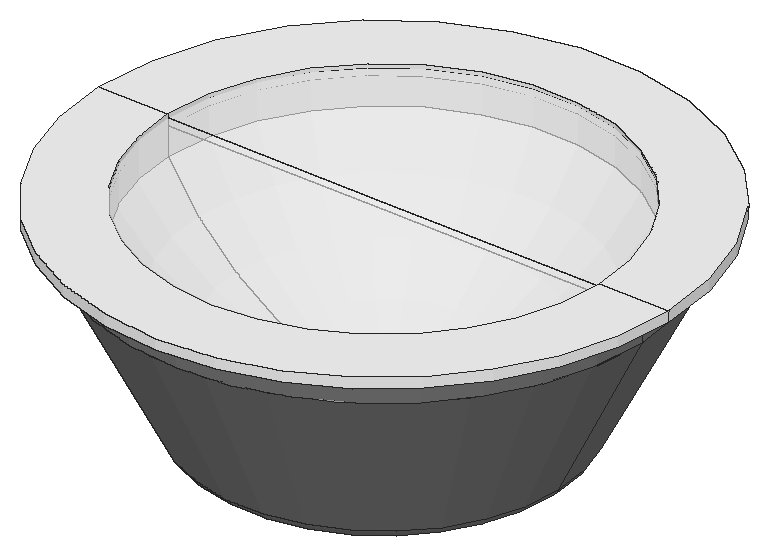
Revit family "30548", category Lighting Fixtures, host Face, Revit 2018
Family settings
  Host = Face
  Round Connector Dimension = Use Diameter
  Part Type = Normal
  OmniClass Number = 23.80.70.00
  OmniClass Title = Lighting
  Cut with Voids When Loaded = No
  Light Source = Yes
  Shared = No
  Room Calculation Point = No
Parameters (values of type "0030548 INSAVER SL IP44 225 MULTI730-2350 830")
  WidthBezel_SYL = if(Size1_SYL, 20 mm, if(Size2_SYL, 20 mm, if(Size3PIR_SYL, 30 mm, if(Size4_SYL, 20 mm, 20 mm))))  # 20 mm
  Weight = "n/a"
  Wattage Comments = ""
  Wattage = 12 W
  WarrantyStartDate [instance] = "n/a"
  WarrantyGuarantorParts = "n/a"
  WarrantyDurationUnit = "n/a"
  WarrantyDurationParts = ""
  WarrantyDescription = "http://www.sylvania-lighting.com"
  built-in parameter 1150110 = 1 (stored number, unit not read)
  Voltage = 230 V
  VisibilityPIR_SYL = Size3PIR_SYL  # no
  URL = "0.9"
  TypeName = "Insaver Slim IP44 225 Multi730-2350 830"
  Type Image = <None>
  Type Comments = "n/a"
  built-in parameter 1114217 = 1 (stored number, unit not read)
  Tilt Angle = -90.00°
  built-in parameter 1150109 = 1 (stored number, unit not read)
  built-in parameter 1150134 = (empty or 0)
  built-in parameter 1150113 = 1 (stored number, unit not read)
  Size4_SYL = no
  Size3PIR_SYL = no
  Size2_SYL = no
  Size1_SYL = yes
  SerialNumber [instance] = "n/a"
  RadiusTop_SYL = 6 mm
  RadiusReflector_SYL = if(Size1_SYL, 85 mm, if(Size2_SYL, 85 mm, if(Size3PIR_SYL, 85 mm, if(Size4_SYL, 100 mm, 120 mm))))  # 85 mm
  Photometric Web File = "0030548.IES"
  Material_3_FEILO = Top-Sylvania-STARTDownlight
  PowerFactor = 0.9
  PowerConsumption = "Lighting"
  NominalLength = 165 mm
  NominalHeight = 50 mm
  NominalDepth = 165 mm
  Name = "Insaver Slim IP44 225 Multi730-2350 830"
  ModelReference = Name  # "Insaver Slim IP44 225 Multi730-2350 830"
  ModelNumber = "0030548"
  Model = Name  # "Insaver Slim IP44 225 Multi730-2350 830"
  Material = "Feilo Sylvania"
  ManufacturerName = "124 lm/W"
  Manufacturer = ""
  LuminousEfficacy = ""
  built-in parameter 1150105 = 31.446 (stored number, unit not read)
  Lumens = 395.16 lm
  LuminaireType = "0"
  built-in parameter 1150115 = 1 (stored number, unit not read)
  LightOutputRatio = "LED"
  built-in parameter 1150137 = (empty or 0)
  built-in parameter 1150139 = (empty or 0)
  LampsType = Lamp  # "n/a"
  LampNominalLuminous = "3000 K"
  LampMacAdamStep = "80"
  LampColourTemperature = "LED"
  LampColourRenderingIndex = "16500"
  built-in parameter 1150112 = 1 (stored number, unit not read)
  built-in parameter 1150114 = 1 (stored number, unit not read)
  Lamp = "n/a"
  Keynote = "n/a"
  InstallationDate [instance] = "n/a"
  InputVoltage = "0"
  InputNominalFrequency = "3000"
  built-in parameter 1150132 = (empty or 0)
  built-in parameter 1150102 = (empty or 0)
  built-in parameter 1150107 = 3000 (stored number, unit not read)
  built-in parameter 1150138 = (empty or 0)
  IngressProtection = "IfcLightFixtureType"
  ImpactProtectionIndex = "IfcLightFixtureType"
  built-in parameter 1150106 = 0.31446 (stored number, unit not read)
  IfcExportType = "IfcLightFixtureType"
  IfcExportAs = "Class II"
  Height_SYL = if(Size1_SYL, 61 mm, if(Size2_SYL, 61 mm, if(Size3PIR_SYL, 61 mm, if(Size4_SYL, 61 mm, 60 mm))))  # 61 mm
  HeightBezel_SYL = if(Size1_SYL, 3 mm, if(Size2_SYL, 3 mm, if(Size3PIR_SYL, 3 mm, if(Size4_SYL, 3.2 mm, 3 mm))))  # 3 mm
  ExpectedLife = 50000
  Emit from Circle Diameter = Diameter_SYL - 40 mm  # 125 mm
  Emit Shape Visible in Rendering = no
  ElectricShockClassification = "124"
  built-in parameter 1150104 = 3.0593 (stored number, unit not read)
  DurationUnit = "hours"
  DocumentationLiterature = "http://www.sylvania-lighting.com/product/en-int/products/0030548"
  DimmingControlOptions = "n/a"
  Material_2_FEILO = Diffuser-Sylvania-STARTDownlight
  Dimming Lamp Color Temperature Shift = <None>
  Diameter_SYL = if(Size1_SYL, 165 mm, if(Size2_SYL, 190 mm, if(Size3PIR_SYL, 211 mm, if(Size4_SYL, 220 mm, 240 mm))))  # 165 mm
  DiameterTop_SYL = if(Size1_SYL, 98 mm, if(Size2_SYL, 122 mm, if(Size3PIR_SYL, 120 mm, if(Size4_SYL, 135 mm, 158 mm))))  # 98 mm
  DiameterTopBase_SYL = DiameterRecess_SYL  # 150 mm
  DiameterRecess_SYL = if(Size1_SYL, 150 mm, if(Size2_SYL, 170 mm, if(Size3PIR_SYL, 186 mm, if(Size4_SYL, 200 mm, 225 mm))))  # 150 mm
  Description = "Insaver Slim is a ceiling recessed LED downlight (IP44 from the front),Die-cast aluminium body, loop in loop out connector for quick installation, Non dimmable LED driver, 3000K; UGR <19 with shallow product depth 60mm.The range features a multipower functionality where the luminous flux of the luminaire can be tailored to local needs by only setting a quick selector switch on the driver. 8 steps available with adjustable lumen output of 730 – 2350lm  at 3000K .  Meets TP(a) requirements."
  Default Elevation = 1219.2 mm
  CreatedOn = "05/03/2024"
  CreatedBy = "@sylvania-lighting.com"
  Cost = 0
  Color Filter = 16777215
  built-in parameter 1114216 [instance] = (empty or 0)
  ClassificationValue = "EF_70_80"
  ClassificationName = "Uniclass2015"
  Material_1_FEILO = Trim-Sylvania-STARTDownlight-White
  BarCode [instance] = "n/a"
  built-in parameter 1114218 = 1 (stored number, unit not read)
  built-in parameter 1150133 = 10 (stored number, unit not read)
  AssetType = "Fixed"
  AssetIdentifier [instance] = "n/a"
  Assembly Code = "D5020200"
  Apparent Load = 19 VA
  Material_4_FEILO = LED-Sylvania-STARTDownlight
Reference planes
  plane 1 "Center (Front/Back)": y = 0
  plane 2: z = 0
  plane 3 "Center (Left/Right)": x = 0
  plane 4: x = 82.5
  plane 5: x = -82.5
  plane 6: z = 3
  plane 7: z = -8
  plane 8: z = -58
  plane 9: x = -75
  plane 10: x = 75
  plane 11: x = -49
  plane 12: x = 49
  plane 13: z = -85
  plane 14: x = -62.5
  plane 15: z = 2
  plane 16: z = -46
  plane 17: x = -16
  plane 18: x = -67.5
  plane 19: x = -81.5
  plane 20: x = -99.5
  plane 21: x = -76.5
  plane 22: z = 5.5
  plane 23: z = 8.7
  plane 24: x = -75.5
  plane 25: z = 13.7
Forms (mm)
  Revolve 1, void
    sketch origin (0, 0, 0) x (1, 0, 0) y (0, 0, 1)
      loop
        line (0, 0) -> (-75, 0) -> (-75, -85) -> (0, -85) -> (0, 0)
      axis (0, 0) -> (0, -85)
    angle from 360 to 0
  Revolve 2, solid, material "Trim-Sylvania-STARTDownlight-White" <- "Material_1_FEILO"
    sketch origin (0, 0, 0) x (1, 0, 0) y (0, 0, 1)
      loop
        line (-62.5, 3) -> (-82.5, 3) -> (-82.5, 0) -> (-75, 0) -> (-75, -8) -> (-50.681, -54.768)
        arc (-50.681, -54.768) -> (-48.471, -57.129) -> (-45.357, -58) r 6
        line (-45.357, -58) -> (0, -58) -> (0, -46) -> (-16, -46)
        arc (-16, -46) -> (-42.718, -31.243) -> (-62.5, -8) r 85
        line (-62.5, -8) -> (-62.5, 3)
      axis (0, 3) -> (0, -58)
    angle from 360 to 0
  Revolve 3, solid, material "Diffuser-Sylvania-STARTDownlight" <- "Material_2_FEILO"
    sketch origin (0, 0, 0) x (1, 0, 0) y (0, 0, 1)
      loop
        line (-62.5, 0) -> (0, 0) -> (0, 2) -> (-62.5, 2) -> (-62.5, 0)
      axis (0, 2) -> (0, 0)
    angle from 360 to 0
  Revolve 4, solid, material "Trim-Sylvania-STARTDownlight-White" <- "Material_1_FEILO", visible <- "VisibilityPIR_SYL"
    sketch origin (0, 0, 0) x (1, 0, 0) y (0, 0, 1)
      loop
        line (-67.5, 3) -> (-67.5, 13.7)
        arc (-67.5, 13.7) -> (-72.217, 12.347) -> (-75.5, 8.7) r 8.9
        line (-75.5, 8.7) -> (-75.5, 5.5) -> (-76.5, 5.5) -> (-76.5, 3) -> (-67.5, 3)
      axis (-67.5, 13.7) -> (-67.5, 3)
    angle from 360 to 0
Dimensions and locks
  equal spacing: plane 4, plane 3 "Center (Left/Right)", plane 5
  "Diameter_SYL": plane 4 to plane 5
  equal spacing: plane 10, plane 3 "Center (Left/Right)", plane 9
  equal spacing: plane 12, plane 3 "Center (Left/Right)", plane 11
  "DiameterTop_SYL": plane 12 to plane 11
  "HeightBezel_SYL": plane 6 to plane 2
  "Height_SYL": plane 6 to plane 8
  locked: plane 2 to plane 7 at 8
  locked: plane 2 to plane 13 at 85
  "WidthBezel_SYL": plane 14 to plane 5
  locked: plane 6 to plane 15 at 1
  "DiameterRecess_SYL": plane 10 to plane 9
  locked: plane 3 "Center (Left/Right)" to plane 17 at 16
  locked: plane 16 to plane 8 at 12
  locked: plane 18 to plane 21 at 9
  locked: plane 22 to plane 6 at 2.5
  locked: plane 23 to plane 22 at 3.2
  locked: plane 18 to plane 24 at 8
  locked: plane 25 to plane 23 at 5
  locked: plane 25 to Revolve 4 sketch curve at 8.9
  locked: plane 18 to plane 5 at 15
  "RadiusReflector_SYL": radius of Revolve 2 sketch curve
  "RadiusTop_SYL": radius of Revolve 2 sketch curve
  aligned and locked: plane 2 to host face
  aligned and locked: level to host face
  aligned and locked: Revolve 1 sketch curve to plane 3 "Center (Left/Right)"
  aligned and locked: plane 3 "Center (Left/Right)" to Revolve 1 sketch curve
  aligned and locked: Revolve 1 sketch curve to plane 9
  aligned and locked: plane 13 to Revolve 1 sketch curve
  aligned and locked: plane 3 "Center (Left/Right)" to imposter light
  aligned and locked: imposter light to plane 15
  aligned and locked: imposter light to plane 1 "Center (Front/Back)"
  aligned and locked: Revolve 2 sketch curve to plane 3 "Center (Left/Right)"
  aligned and locked: Revolve 2 sketch curve to plane 6
  aligned and locked: Revolve 2 sketch curve to plane 5
  aligned and locked: Revolve 2 sketch curve to level
  aligned and locked: plane 7 to Revolve 2 sketch curve  (x2)
  aligned and locked: Revolve 2 sketch curve to plane 9
  aligned and locked: plane 8 to Revolve 2 sketch curve
  aligned and locked: Revolve 2 sketch curve to plane 14
  aligned and locked: plane 3 "Center (Left/Right)" to Revolve 2 sketch curve
  aligned and locked: Revolve 2 sketch curve to plane 16
  aligned and locked: Revolve 3 sketch curve to plane 3 "Center (Left/Right)"
  aligned and locked: Revolve 3 sketch curve to level
  aligned and locked: imposter light to Revolve 3 sketch curve  (x2)
  aligned and locked: Revolve 4 sketch curve to plane 18  (x2)
  aligned and locked: Revolve 4 sketch curve to plane 6
  aligned and locked: plane 22 to Revolve 4 sketch curve
  aligned and locked: plane 24 to Revolve 4 sketch curve
  aligned and locked: Revolve 4 sketch curve to Revolve 4 sketch curve
  aligned and locked: plane 21 to Revolve 4 sketch curve
Automatic sketch dimensions
  host sketch curve to host sketch curve = 2438.4 mm  (x2)
  plane 13 to Revolve 1 sketch curve = 524.6 mm
  Revolve 1 sketch curve to plane 6 = 2606.058 mm
  Revolve 1 sketch curve to level = 0 mm
  Revolve 2 sketch curve to plane 17 = 0 mm
  Revolve 2 sketch curve to plane 11 = 1.681 mm
  plane 11 to Revolve 2 sketch curve = 3.643 mm
  plane 13 to Revolve 2 sketch curve = 524.6 mm
  Revolve 2 sketch curve to Revolve 2 sketch curve = 2577.983 mm
  Revolve 3 sketch curve to plane 14 = 0 mm
  plane 13 to Revolve 3 sketch curve = 524.6 mm
  Revolve 3 sketch curve to plane 6 = 2606.058 mm
  Revolve 4 sketch curve to plane 23 = 0 mm
  plane 13 to Revolve 4 sketch curve = 524.6 mm
  Revolve 4 sketch curve to Revolve 4 sketch curve = 2595.358 mm
Connectors
  electrical at (0, 0, 0), driven by "Apparent Load", driven by "PowerFactor", driven by "Voltage"
    settings: index 1, voltage 230 V, apparent load 19 VA, apparent load phase1 0 VA, apparent load phase2 0 VA, apparent load phase3 0 VA, power factor 0.9, load classification "Lighting", number of poles 1, system type 30, power factor state 1, is connector primary yes, connector utility no, sub classification motor no, connector description ""
